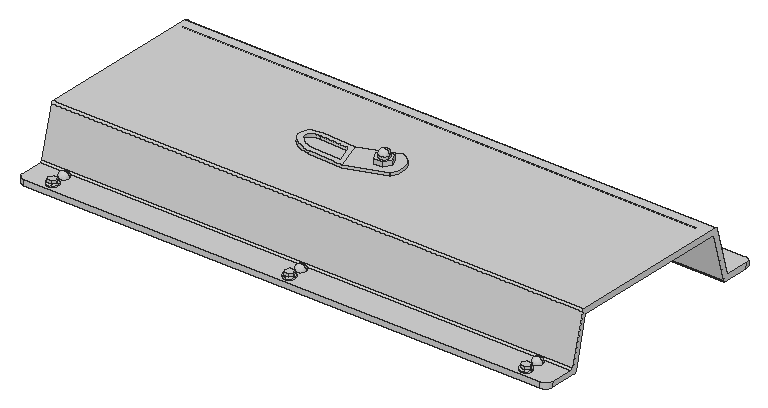
Revit family "AnchorPoint_Kattsafe_RopeAccess", category Specialty Equipment, host Face, Revit 2025
Family settings
  Host = Face
  Round Connector Dimension = Use Diameter
  Part Type = Normal
  OmniClass Number = 23.27.71.21
  Enable Cutting in Views = No
  Cut with Voids When Loaded = No
  Maintain Annotation Orientation = No
  Shared = No
  Room Calculation Point = No
Parameters (values of type "Standard (AP141A)")
  Uniclass2015Version = "Products v1.23"
  Uniclass2015Title = "Safety access anchor devices"
  Uniclass2015Code = "Pr_40_70_75_75"
  URL = "https://kattsafe.com.au/"
  Type IFC Predefined Type = "USERDEFINED"
  Type Comments = "Top Mount Swivel Rope Access Anchor - Fall arrest 15kN rated - Rope access 12kN - 3.2kg"
  SafetyDisclaimer [instance] = "WARNING! The correct placement of access, fall protection and facade maintenance systems is critical to ensure it is fit-for-purpose and safe for the operator to use. Did you know Kattsafe® have a dedicated team of Height Safety System Design Specialists? Kattsafe® provide one-on-one consultation and system design assistance to ensure you are meeting the stringent requirements of height safety and to give you PEACE OF MIND with your project."  # constant formula
  ModifiedIssue = 20240430
  Model = "AP141A"
  Material = Steel_Stainless_Kattsafe_Satin
  ManufacturerURLProductSpecific = "https://kattsafe.com.au/products/anchor-points/metal-deck-mount/Top-mount-rope-access-anchor-ap141"
  ManufacturerSpecCode = Model  # "AP141A"
  ManufacturerOverallWidth = 552 mm  # constant formula
  ManufacturerOverallHeight = 70 mm  # constant formula
  ManufacturerOverallDepth = 267 mm  # constant formula
  ManufacturerHeightFromFFL [instance] = 0 mm
  Manufacturer = "Kattsafe®"  # constant formula
  IfcExportType = "USERDEFINED"
  IfcExportAs = "IfcBuildingElementProxy"
  Export Type to IFC As = "IfcBuildingElementProxy"
  ElementType = "Fall Protection"
  Description = "Our Kattsafe anchor points are specifically designed, manufactured, and tested to comply with and often exceed Australian Standards, effectively handling excessive loads and saving lives when using a harness and lanyard system."  # constant formula
  Default Elevation = 0 mm  # constant formula
  CreatedBy = "IGS BIM Solutions"  # constant formula
  CreatedByURL = "https://igsgroup.com.au"
  Assembly Code = "E1090100"
Types (2, lengths in mm): name | Type Comments | Model | ManufacturerSpecCode
  Standard (AP141A) | "Top Mount Swivel Rope Access Anchor - Fall arrest 15kN rated - Rope access 12kN - 3.2kg" | "AP141A" | "AP141A"
  Wide (AP141W) | "Top Mount Swivel Rope Access Anchor - Wide Deck - Suits 300 to 372mm deck - 15kN rated - 2.8kg" | "AP141W" | "AP141W"
Reference planes
  plane 1 "Center (Front/Back)": y = 8
  plane 2 "Ref. Level": z = 0
  plane 3 "Center (Left/Right)": x = 0
  plane 4 "Front": y = -125.5
  plane 5 "Back": y = 141.5
  plane 6 "Right": x = 276
  plane 7 "Left": x = -276
  plane 8 "Top": z = 70
  plane 9 "Botttom": z = 0
  plane 10 "Bolts Front": y = -115.5
  plane 11 "Bolts Front Inside": y = -100.5
  plane 12 "Bolts Back": y = 131.5
  plane 13 "Bolts Back Inside": y = 116.5
Forms (mm)
  Extrusion 1, solid, material "Steel_Stainless_Kattsafe_Satin" <- "Material"
    sketch origin (7.887, 12.748, 0) x (-1, 0, 0) y (0, -1, 0)
      loop
        line (31.19, 30.257) -> (-6.898, 16.394)
        arc (-6.898, 16.394) -> (-7.435, 16.098) -> (-7.858, 15.654) r 2
        arc (-7.858, 15.654) -> (-10.111, -1.801) -> (2.834, -13.725) r 19.152
        arc (2.834, -13.725) -> (3.444, -13.795) -> (4.046, -13.676) r 2
        line (4.046, -13.676) -> (42.134, 0.187) -> (31.19, 30.257)
    from 55 to 58
  Extrusion 2, solid, material "Steel_Stainless_Kattsafe_Satin" <- "Material"
    sketch origin (-23.303, -17.509, 0) x (0.939693, 0.34202, 0) y (0, 0, 1)
      loop
        line (0, 58) -> (-43.263, 70) -> (-44.064, 67.109) -> (0, 55) -> (0, 58)
    from 0 to -32
  Extrusion 3, void
    sketch origin (-23.306, -14.397, 57.705) x (-0.905504, -0.329577, 0.267285) y (0.34202, -0.939693, 0)
      loop
        line (4.456, -24.076) -> (29.961, -24.076)
        arc (29.961, -24.076) -> (40.663, -13.373) -> (29.961, -2.67) r 10.703
        line (29.961, -2.67) -> (4.456, -2.67) -> (4.456, -24.076)
      loop
        line (29.961, -29.076) -> (49.469, -29.076) -> (49.469, 2.924) -> (29.961, 2.924)
        arc (29.961, 2.924) -> (45.961, -13.076) -> (29.961, -29.076) r 16
    from -8.644 to 3.905
  Revolve 4, solid, material "Steel_Stainless_Kattsafe_Satin" <- "Material"
    sketch origin (0, 8, 0) x (1, 0, 0) y (0, 0, 1)
      loop
        line (-4.998, 62.47) -> (-2.019, 62.47) -> (-2.019, 40.082) -> (0, 40.082) -> (0, 70)
        arc (0, 70) -> (-3.519, 68.691) -> (-4.998, 65.24) r 4.766
        line (-4.998, 65.24) -> (-4.998, 62.47)
      axis (0, 70) -> (0, 40.082)
    angle from 0 to 360
  Extrusion 5, void
    sketch origin (-276, -125.5, 5) x (0, 1, 0) y (1, 0, 0)
      loop
        arc (267, 7.962) -> (264.668, 2.332) -> (259.038, 0) r 7.962
        line (259.038, 0) -> (267, 0) -> (267, 7.962)
      loop
        line (267, 544.038) -> (267, 552) -> (259.038, 552)
        arc (259.038, 552) -> (264.668, 549.668) -> (267, 544.038) r 7.962
      loop
        line (0, 7.962) -> (0, 0) -> (7.962, 0)
        arc (7.962, 0) -> (2.332, 2.332) -> (0, 7.962) r 7.962
      loop
        arc (0, 544.038) -> (2.332, 549.668) -> (7.962, 552) r 7.962
        line (7.962, 552) -> (0, 552) -> (0, 544.038)
    from 0 to 5
  Revolve 6, solid, material "Steel_Stainless_Kattsafe_Satin" <- "Material", detail levels medium+fine
    sketch origin (-610.282, -100.5, 4780) x (-1, 0, 0) y (0, 0, 1)
      loop
        line (-364.032, -4775) -> (-359.032, -4775)
        arc (-359.032, -4775) -> (-360.483, -4771.44) -> (-364.032, -4769.962) r 5
        line (-364.032, -4769.962) -> (-364.032, -4775)
      axis (-364.032, -4775) -> (-364.032, -4769.962)
    angle from 0 to 360
  Revolve 7, solid, material "Steel_Stainless_Kattsafe_Satin" <- "Material", detail levels medium+fine
    sketch origin (-610.282, -100.5, 4780) x (-1, 0, 0) y (0, 0, 1)
      loop
        line (-610.282, -4775) -> (-605.282, -4775)
        arc (-605.282, -4775) -> (-606.733, -4771.44) -> (-610.282, -4769.962) r 5
        line (-610.282, -4769.962) -> (-610.282, -4775)
      axis (-610.282, -4775) -> (-610.282, -4769.962)
    angle from 0 to 360
  Extrusion 8, solid, material "Steel_Stainless_Kattsafe_Satin" <- "Material", detail levels medium+fine
    sketch origin (-276, -125.5, 5) x (1, 0, 0) y (0, 1, 0)
      loop
        line (519.925, 14.026) -> (517.601, 10) -> (519.925, 5.974) -> (524.575, 5.974) -> (526.899, 10) -> (524.575, 14.026) -> (519.925, 14.026)
    from 2 to 5
  Revolve 9, solid, material "Steel_Stainless_Kattsafe_Satin" <- "Material", detail levels medium+fine
    sketch origin (-610.282, 116.5, 4780) x (-1, 0, 0) y (0, 0, 1)
      loop
        line (-364.032, -4775) -> (-359.032, -4775)
        arc (-359.032, -4775) -> (-360.483, -4771.44) -> (-364.032, -4769.962) r 5
        line (-364.032, -4769.962) -> (-364.032, -4775)
      axis (-364.032, -4775) -> (-364.032, -4769.962)
    angle from 0 to 360
  Revolve 10, solid, material "Steel_Stainless_Kattsafe_Satin" <- "Material", detail levels medium+fine
    sketch origin (-610.282, 116.5, 4780) x (-1, 0, 0) y (0, 0, 1)
      loop
        line (-856.532, -4775) -> (-856.532, -4769.962)
        arc (-856.532, -4769.962) -> (-860.081, -4771.44) -> (-861.532, -4775) r 5
        line (-861.532, -4775) -> (-856.532, -4775)
      axis (-856.532, -4775) -> (-856.532, -4769.962)
    angle from 0 to 360
  Revolve 11, solid, material "Steel_Stainless_Kattsafe_Satin" <- "Material", detail levels medium+fine
    sketch origin (-610.282, 116.5, 4780) x (-1, 0, 0) y (0, 0, 1)
      loop
        line (-610.282, -4775) -> (-605.282, -4775)
        arc (-605.282, -4775) -> (-606.733, -4771.44) -> (-610.282, -4769.962) r 5
        line (-610.282, -4769.962) -> (-610.282, -4775)
      axis (-610.282, -4775) -> (-610.282, -4769.962)
    angle from 0 to 360
  Revolve 12, solid, material "Steel_Stainless_Kattsafe_Satin" <- "Material", detail levels medium+fine
    sketch origin (-610.282, 131.5, 4780) x (-1, 0, 0) y (0, 0, 1)
      loop
        line (-364.032, -4775) -> (-359.032, -4775)
        arc (-359.032, -4775) -> (-360.483, -4771.44) -> (-364.032, -4769.962) r 5
        line (-364.032, -4769.962) -> (-364.032, -4775)
      axis (-364.032, -4775) -> (-364.032, -4769.962)
    angle from 0 to 360
  Revolve 13, solid, material "Steel_Stainless_Kattsafe_Satin" <- "Material", detail levels medium+fine
    sketch origin (-610.282, 131.5, 4780) x (-1, 0, 0) y (0, 0, 1)
      loop
        line (-856.532, -4775) -> (-856.532, -4769.962)
        arc (-856.532, -4769.962) -> (-860.081, -4771.44) -> (-861.532, -4775) r 5
        line (-861.532, -4775) -> (-856.532, -4775)
      axis (-856.532, -4775) -> (-856.532, -4769.962)
    angle from 0 to 360
  Revolve 14, solid, material "Steel_Stainless_Kattsafe_Satin" <- "Material", detail levels medium+fine
    sketch origin (-610.282, 131.5, 4780) x (-1, 0, 0) y (0, 0, 1)
      loop
        line (-610.282, -4775) -> (-605.282, -4775)
        arc (-605.282, -4775) -> (-606.733, -4771.44) -> (-610.282, -4769.962) r 5
        line (-610.282, -4769.962) -> (-610.282, -4775)
      axis (-610.282, -4775) -> (-610.282, -4769.962)
    angle from 0 to 360
  Revolve 15, solid, material "Steel_Stainless_Kattsafe_Satin" <- "Material", detail levels medium+fine
    sketch origin (-610.282, -100.5, 4780) x (-1, 0, 0) y (0, 0, 1)
      loop
        line (-856.532, -4775) -> (-856.532, -4769.962)
        arc (-856.532, -4769.962) -> (-860.081, -4771.44) -> (-861.532, -4775) r 5
        line (-861.532, -4775) -> (-856.532, -4775)
      axis (-856.532, -4775) -> (-856.532, -4769.962)
    angle from 0 to 360
  Sweep 16, solid, material "Steel_Stainless_Kattsafe_Satin" <- "Material"
    path origin (0, 0, 70) x (-1, 0, 0) y (0, -1, 0)
      loop
        line (276, -8) -> (-276, -8)
    profile origin (0, 8, 70) x (0, 1, 0) y (0, 0, 1)
      loop
        line (133.5, -65) -> (102.073, -65)
        arc (102.073, -65) -> (100.856, -64.587) -> (100.141, -63.518) r 2
        line (100.141, -63.518) -> (87.538, -16.482)
        arc (87.538, -16.482) -> (86.824, -15.413) -> (85.606, -15) r 2
        line (85.606, -15) -> (-85.606, -15)
        arc (-85.606, -15) -> (-86.824, -15.413) -> (-87.538, -16.482) r 2
        line (-87.538, -16.482) -> (-100.141, -63.518)
        arc (-100.141, -63.518) -> (-100.856, -64.587) -> (-102.073, -65) r 2
        line (-102.073, -65) -> (-133.5, -65) -> (-133.5, -70) -> (-98.236, -70)
        arc (-98.236, -70) -> (-97.019, -69.587) -> (-96.305, -68.518) r 2
        line (-96.305, -68.518) -> (-83.702, -20.018)
        arc (-83.702, -20.018) -> (-82.736, -20.005) -> (-81.77, -20) r 102
        line (-81.77, -20) -> (81.77, -20)
        arc (81.77, -20) -> (82.987, -20.413) -> (83.702, -21.482) r 2
        line (83.702, -21.482) -> (96.305, -68.518)
        arc (96.305, -68.518) -> (97.019, -69.587) -> (98.236, -70) r 2
        line (98.236, -70) -> (133.5, -70) -> (133.5, -65)
  Revolve 17, solid, material "Steel_Stainless_Kattsafe_Satin" <- "Material", detail levels medium+fine
    sketch origin (-610.282, -115.5, 4780) x (-1, 0, 0) y (0, 0, 1)
      loop
        line (-856.532, -4775) -> (-850.758, -4775) -> (-850.758, -4774.02)
        arc (-850.758, -4774.02) -> (-851.051, -4773.313) -> (-851.758, -4773.02) r 1
        line (-851.758, -4773.02) -> (-856.532, -4773.02) -> (-856.532, -4775)
      axis (-856.532, -4775) -> (-856.532, -4773.02)
    angle from 0 to 360
  Revolve 18, solid, material "Steel_Stainless_Kattsafe_Satin" <- "Material", detail levels medium+fine
    sketch origin (-610.282, -115.5, 4780) x (-1, 0, 0) y (0, 0, 1)
      loop
        line (-610.282, -4775) -> (-604.508, -4775) -> (-604.508, -4774.02)
        arc (-604.508, -4774.02) -> (-604.801, -4773.313) -> (-605.508, -4773.02) r 1
        line (-605.508, -4773.02) -> (-610.282, -4773.02) -> (-610.282, -4775)
      axis (-610.282, -4775) -> (-610.282, -4773.02)
    angle from 0 to 360
  Extrusion 19, solid, material "Steel_Stainless_Kattsafe_Satin" <- "Material", detail levels medium+fine
    sketch origin (-522.25, -125.5, 5) x (1, 0, 0) y (0, 1, 0)
      loop
        line (519.925, 14.026) -> (517.601, 10) -> (519.925, 5.974) -> (524.575, 5.974) -> (526.899, 10) -> (524.575, 14.026) -> (519.925, 14.026)
    from 2 to 5
  Revolve 20, solid, material "Steel_Stainless_Kattsafe_Satin" <- "Material", detail levels medium+fine
    sketch origin (-856.532, -115.5, 4780) x (-1, 0, 0) y (0, 0, 1)
      loop
        line (-610.282, -4775) -> (-604.508, -4775) -> (-604.508, -4774.02)
        arc (-604.508, -4774.02) -> (-604.801, -4773.313) -> (-605.508, -4773.02) r 1
        line (-605.508, -4773.02) -> (-610.282, -4773.02) -> (-610.282, -4775)
      axis (-610.282, -4775) -> (-610.282, -4773.02)
    angle from 0 to 360
  Extrusion 21, solid, material "Steel_Stainless_Kattsafe_Satin" <- "Material", detail levels medium+fine
    sketch origin (-768.5, -125.5, 5) x (1, 0, 0) y (0, 1, 0)
      loop
        line (519.925, 14.026) -> (517.601, 10) -> (519.925, 5.974) -> (524.575, 5.974) -> (526.899, 10) -> (524.575, 14.026) -> (519.925, 14.026)
    from 2 to 5
  Extrusion 22, solid, material "Steel_Stainless_Kattsafe_Satin" <- "Material"
    sketch origin (-276, -77.606, 55) x (1, 0, 0) y (0, 1, 0)
      loop
        line (271.381, 93.606) -> (266.762, 85.606) -> (271.381, 77.606) -> (280.619, 77.606) -> (285.238, 85.606) -> (280.619, 93.606) -> (271.381, 93.606)
    from -10 to 7.47
Cuts and joins
  Extrusion 3 cuts Extrusion 2
  joined: Extrusion 1, Extrusion 2, Extrusion 22
  Extrusion 5 cuts Sweep 16
Lines and regions (mm)
  Masking region 1
    outline origin (0, 0, 70) x (-1, 0, 0) y (0, -1, 0)
      loop
        arc (268.038, -141.5) -> (273.668, -139.168) -> (276, -133.538) r 7.962
        line (276, -133.538) -> (276, 117.538)
        arc (276, 117.538) -> (273.668, 123.168) -> (268.038, 125.5) r 7.962
        line (268.038, 125.5) -> (-268.038, 125.5)
        arc (-268.038, 125.5) -> (-273.668, 123.168) -> (-276, 117.538) r 7.962
        line (-276, 117.538) -> (-276, -133.538)
        arc (-276, -133.538) -> (-273.668, -139.168) -> (-268.038, -141.5) r 7.962
        line (-268.038, -141.5) -> (268.038, -141.5)
  symbolic lines, style "Fall Arrest Systems", detail levels medium+fine
    curve 1: circle (-246.25, 131.5, 70) r 5 normal (0, 0, -1)
    curve 2: circle (0, 131.5, 70) r 5 normal (0, 0, -1)
    curve 3: circle (246.25, 131.5, 70) r 5 normal (0, 0, -1)
    curve 4: circle (-246.25, -100.5, 70) r 5 normal (0, 0, 1)
    curve 5: circle (0, -100.5, 70) r 5 normal (0, 0, 1)
    curve 6: circle (246.25, -100.5, 70) r 5 normal (0, 0, -1)
    curve 7: line (-61.123, 2.78, 70) -> (3.841, 26.425, 70)
    curve 8: line (14.784, -3.646, 70) -> (-50.179, -27.29, 70)
    curve 9: arc (15.744, -2.905, 70) -> (17.998, 14.55, 70) -> (5.053, 26.474, 70) r 19.152
    curve 10: arc (5.053, 26.474, 70) -> (4.443, 26.543, 70) -> (3.841, 26.424, 70) r 2
    curve 11: arc (14.784, -3.646, 70) -> (15.322, -3.35, 70) -> (15.744, -2.905, 70) r 2
    curve 12: spline (-61.123, 2.78, 70) -> (-64.689, 0.902, 70) -> (-67.639, -1.873, 70) -> (-69.772, -5.355, 70) -> (-70.943, -9.308, 70) -> (-71.071, -13.461, 70) -> (-70.149, -17.532, 70) -> (-68.238, -21.244, 70) -> (-65.47, -24.343, 70) -> (-62.033, -26.618, 70) -> (-58.161, -27.914, 70) -> (-54.117, -28.144, 70) -> (-50.179, -27.29, 70)
    curve 13: circle (0, 8, 70) r 4.998 normal (0, 0, -1)
    curve 14: line (4.619, 16, 70) -> (9.238, 8, 70)
    curve 15: line (9.238, 8, 70) -> (4.619, 0, 70)
    curve 16: line (4.619, 0, 70) -> (-4.619, 0, 70)
    curve 17: line (-4.619, 0, 70) -> (-9.238, 8, 70)
    curve 18: line (-9.238, 8, 70) -> (-4.619, 16, 70)
    curve 19: line (-4.619, 16, 70) -> (4.619, 16, 70)
    curve 20: circle (-246.25, 116.5, 70) r 5 normal (0, 0, -1)
    curve 21: circle (0, 116.5, 70) r 5 normal (0, 0, -1)
    curve 22: circle (246.25, 116.5, 70) r 5 normal (0, 0, 1)
    curve 23: circle (-246.25, -115.5, 70) r 5.774 normal (0, 0, 1)
    curve 24: circle (0, -115.5, 70) r 5.774 normal (0, 0, 1)
    curve 25: circle (246.25, -115.5, 70) r 5.774 normal (0, 0, 1)
    curve 26: line (250.899, -115.5, 70) -> (248.575, -111.474, 70)
    curve 27: line (248.575, -111.474, 70) -> (243.925, -111.474, 70)
    curve 28: line (243.925, -111.474, 70) -> (241.601, -115.5, 70)
    curve 29: line (241.601, -115.5, 70) -> (243.925, -119.526, 70)
    curve 30: line (243.925, -119.526, 70) -> (248.575, -119.526, 70)
    curve 31: line (248.575, -119.526, 70) -> (250.899, -115.5, 70)
    curve 32: line (4.649, -115.5, 70) -> (2.325, -111.474, 70)
    curve 33: line (2.325, -111.474, 70) -> (-2.325, -111.474, 70)
    curve 34: line (-2.325, -111.474, 70) -> (-4.649, -115.5, 70)
    curve 35: line (-4.649, -115.5, 70) -> (-2.325, -119.526, 70)
    curve 36: line (-2.325, -119.526, 70) -> (2.325, -119.526, 70)
    curve 37: line (2.325, -119.526, 70) -> (4.649, -115.5, 70)
    curve 38: line (-241.601, -115.5, 70) -> (-243.925, -111.474, 70)
    curve 39: line (-243.925, -111.474, 70) -> (-248.575, -111.474, 70)
    curve 40: line (-248.575, -111.474, 70) -> (-250.899, -115.5, 70)
    curve 41: line (-250.899, -115.5, 70) -> (-248.575, -119.526, 70)
    curve 42: line (-248.575, -119.526, 70) -> (-243.925, -119.526, 70)
    curve 43: line (-243.925, -119.526, 70) -> (-241.601, -115.5, 70)
Text (mm)
  text "Disclaimer:\nDue to ongoing product development and manufacturing \nevolution, product details are subject to change without \nnotice. Please refer to product technical data sheets on \nthe manufacturers website for the most current product \ninformation. Please allow a +/- 5mm manufacturing \ntolerance for dimensions and set-outs shown in product \nliterature." at (360.06, 82.963, 0), in view "Ref. Level"
Dimensions and locks
  "ManufacturerOverallWidth": plane 7 "Left" to plane 6 "Right"
  "ManufacturerOverallDepth": plane 5 "Back" to plane 4 "Front"
  equal spacing: plane 7 "Left", plane 3 "Center (Left/Right)", plane 6 "Right"
  equal spacing: plane 4 "Front", plane 1 "Center (Front/Back)", plane 5 "Back"
  "ManufacturerHeightFromFFL": plane 9 "Botttom" to level
  "ManufacturerOverallHeight": plane 9 "Botttom" to plane 8 "Top"
  aligned and locked: plane 2 "Ref. Level" to host face
  aligned and locked: level to host face
  aligned and locked: Masking region 1 to Sweep 16 sketch curve  (x2)
  aligned and locked: Sweep 16 sketch curve to plane 9 "Botttom"
  aligned and locked: plane 9 "Botttom" to Sweep 16 sketch curve
  aligned and locked: Revolve 15 sketch curve to Sweep 16
  aligned and locked: Sweep 16 to Revolve 7 sketch curve
  aligned and locked: Revolve 6 sketch curve to Sweep 16
  aligned and locked: Sweep 16 to Revolve 12 sketch curve
  aligned and locked: Sweep 16 to Revolve 14 sketch curve
  aligned and locked: Revolve 13 sketch curve to Sweep 16
  aligned and locked: Sweep 16 to Revolve 9 sketch curve
  aligned and locked: Sweep 16 to Revolve 11 sketch curve
  aligned and locked: Revolve 10 sketch curve to Sweep 16
  aligned and locked: Revolve 17 sketch curve to Revolve 17 sketch curve  (x2)
  aligned and locked: cut or joined group of Extrusion 5, Sweep 16 to Revolve 17 sketch curve
  aligned and locked: cut or joined group of Extrusion 5, Sweep 16 to Revolve 18 sketch curve
  aligned and locked: cut or joined group of Extrusion 5, Sweep 16 to Revolve 20 sketch curve
  aligned and locked: cut or joined group of Extrusion 1, Extrusion 2, Extrusion 3, Extrusion 22 to Revolve 4 sketch curve
Automatic sketch dimensions
  host sketch curve to host sketch curve = 552 mm
  host sketch curve to host sketch curve = 267 mm
  plane 1 "Center (Front/Back)" to Extrusion 1 sketch curve = 0 mm
  Extrusion 1 sketch curve to plane 3 "Center (Left/Right)" = 0 mm
  plane 3 "Center (Left/Right)" to Extrusion 1 sketch curve = 3.841 mm
  Extrusion 1 sketch curve to Extrusion 1 sketch curve = 0.684 mm  (x2)
  plane 3 "Center (Left/Right)" to Extrusion 1 sketch curve = 14.1 mm
  Extrusion 1 sketch curve to plane 3 "Center (Left/Right)" = 23.303 mm
  Extrusion 1 sketch curve to plane 1 "Center (Front/Back)" = 4.561 mm
  Extrusion 1 sketch curve to Extrusion 1 sketch curve = 10.944 mm
  Extrusion 1 sketch curve to plane 1 "Center (Front/Back)" = 16.545 mm
  Extrusion 1 sketch curve to Extrusion 1 sketch curve = 1.879 mm  (x2)
  Extrusion 1 sketch curve to Extrusion 1 sketch curve = 0 mm
  Extrusion 2 sketch curve to Extrusion 1 = 0 mm  (x3)
  Extrusion 2 sketch curve to Extrusion 1 = 12 mm
  Extrusion 1 to Extrusion 2 sketch curve = 43.263 mm
  Extrusion 2 sketch curve to Extrusion 1 = 9.109 mm
  Extrusion 2 to Extrusion 3 sketch curve = 0 mm
  Extrusion 3 sketch curve to Extrusion 2 = 0 mm  (x2)
  Extrusion 3 sketch curve to Extrusion 2 = 3.354 mm
  Extrusion 3 sketch curve to Extrusion 2 = 16.037 mm
  Extrusion 3 sketch curve to Extrusion 3 sketch curve = 0 mm  (x3)
  Extrusion 2 to Extrusion 3 sketch curve = 3.471 mm
  Extrusion 2 to Extrusion 3 sketch curve = 5 mm
  Extrusion 3 sketch curve to Extrusion 3 sketch curve = 0.297 mm
  Extrusion 5 sketch curve to Sweep 16 = 0 mm  (x12)
  Extrusion 5 sketch curve to Extrusion 5 sketch curve = 7.962 mm
  Sweep 16 to Extrusion 5 sketch curve = 7.962 mm  (x3)
  Sweep 16 to Extrusion 5 sketch curve = 227.612 mm  (x2)
  Extrusion 5 sketch curve to Extrusion 5 sketch curve = 0 mm  (x10)
  Sweep 16 to Extrusion 8 sketch curve = 10 mm  (x2)
  Sweep 16 to Extrusion 8 sketch curve = 34.399 mm
  Sweep 16 to Extrusion 8 sketch curve = 14.026 mm
  Extrusion 8 sketch curve to Extrusion 8 sketch curve = 2.325 mm  (x3)
  Sweep 16 to Extrusion 8 sketch curve = 5.974 mm
  Extrusion 8 sketch curve to Extrusion 8 sketch curve = 4.649 mm  (x2)
  Masking region 1 sketch curve to plane 6 "Right" = 0 mm
  Masking region 1 sketch curve to plane 4 "Front" = 0 mm
  plane 5 "Back" to Masking region 1 sketch curve = 0 mm
  Masking region 1 sketch curve to plane 7 "Left" = 0 mm
  Masking region 1 sketch curve to plane 12 "Bolts Back" = 2.038 mm  (x2)
  plane 6 "Right" to Masking region 1 sketch curve = 7.962 mm
  Masking region 1 sketch curve to plane 10 "Bolts Front" = 2.038 mm
  plane 1 "Center (Front/Back)" to Sweep 16 sketch curve = 0 mm
  plane 8 "Top" to Sweep 16 sketch curve = 65 mm
  profile plane to Sweep 16 sketch curve = 133.5 mm
  Sweep 16 sketch curve to Sweep 16 sketch curve = 31.427 mm  (x2)
  plane 8 "Top" to Sweep 16 sketch curve = 63.518 mm  (x2)
  Sweep 16 sketch curve to Sweep 16 sketch curve = 1.932 mm  (x8)
  Sweep 16 sketch curve to Sweep 16 sketch curve = 1.905 mm  (x3)
  plane 8 "Top" to Sweep 16 sketch curve = 68.518 mm
  plane 8 "Top" to Sweep 16 sketch curve = 16.482 mm  (x2)
  Sweep 16 sketch curve to Sweep 16 sketch curve = 12.603 mm  (x2)
  plane 8 "Top" to Sweep 16 sketch curve = 20.018 mm
  Sweep 16 sketch curve to profile plane = 81.77 mm
  plane 8 "Top" to Sweep 16 sketch curve = 21.482 mm
  Sweep 16 sketch curve to Sweep 16 sketch curve = 3.837 mm
  Sweep 16 sketch curve to Sweep 16 sketch curve = 52 mm
  Sweep 16 sketch curve to Sweep 16 sketch curve = 1.482 mm  (x2)
  Sweep 16 sketch curve to Sweep 16 sketch curve = 0.518 mm
  Revolve 18 sketch curve to plane 3 "Center (Left/Right)" = 0 mm  (x2)
  Revolve 18 sketch curve to plane 3 "Center (Left/Right)" = 4.774 mm
  Revolve 18 sketch curve to Revolve 18 sketch curve = 1 mm
  Revolve 18 sketch curve to Revolve 18 sketch curve = 0.98 mm
  Revolve 18 sketch curve to Revolve 18 sketch curve = 0 mm
  Revolve 18 sketch curve to Revolve 18 sketch curve = 0.02 mm
  Sweep 16 to Extrusion 19 sketch curve = 10 mm  (x2)
  Sweep 16 to Extrusion 19 sketch curve = 271.351 mm
  Sweep 16 to Extrusion 19 sketch curve = 14.026 mm
  Extrusion 19 sketch curve to Extrusion 19 sketch curve = 2.325 mm  (x3)
  Sweep 16 to Extrusion 19 sketch curve = 5.974 mm
  Extrusion 19 sketch curve to Extrusion 19 sketch curve = 4.649 mm  (x2)
  plane 7 "Left" to Revolve 20 sketch curve = 29.75 mm
  Revolve 20 sketch curve to Revolve 20 sketch curve = 4.774 mm
  Revolve 20 sketch curve to Revolve 20 sketch curve = 1 mm
  Revolve 20 sketch curve to Revolve 20 sketch curve = 0.98 mm
  Revolve 20 sketch curve to Revolve 20 sketch curve = 0 mm  (x2)
  Revolve 20 sketch curve to Revolve 20 sketch curve = 0.02 mm
  Sweep 16 to Extrusion 21 sketch curve = 10 mm  (x2)
  Sweep 16 to Extrusion 21 sketch curve = 25.101 mm
  Extrusion 21 sketch curve to Extrusion 21 sketch curve = 2.325 mm  (x3)
  Sweep 16 to Extrusion 21 sketch curve = 5.974 mm
  Extrusion 21 sketch curve to Extrusion 21 sketch curve = 4.649 mm  (x2)
  Extrusion 21 sketch curve to Extrusion 21 sketch curve = 4.026 mm
  plane 6 "Right" to Revolve 17 sketch curve = 34.524 mm
  Revolve 17 sketch curve to Revolve 17 sketch curve = 1 mm
  Revolve 17 sketch curve to Revolve 17 sketch curve = 0.98 mm
  Revolve 17 sketch curve to Revolve 17 sketch curve = 4.774 mm
  Revolve 17 sketch curve to Revolve 17 sketch curve = 0 mm
  Revolve 12 sketch curve to level = 0 mm
  Revolve 12 sketch curve to plane 7 "Left" = 29.75 mm
  Revolve 12 sketch curve to Revolve 12 sketch curve = 5 mm
  Revolve 12 sketch curve to Revolve 12 sketch curve = 0.038 mm
  Revolve 12 sketch curve to Revolve 12 sketch curve = 0 mm  (x2)
  Revolve 13 sketch curve to level = 0 mm
  Revolve 13 sketch curve to plane 6 "Right" = 24.75 mm
  Revolve 13 sketch curve to Revolve 13 sketch curve = 5 mm
  Revolve 13 sketch curve to Revolve 13 sketch curve = 0.038 mm
  Revolve 13 sketch curve to Revolve 13 sketch curve = 0 mm  (x2)
  Revolve 14 sketch curve to level = 0 mm
  Revolve 14 sketch curve to plane 3 "Center (Left/Right)" = 0 mm  (x2)
  Revolve 14 sketch curve to Revolve 14 sketch curve = 5 mm
  Revolve 14 sketch curve to Revolve 14 sketch curve = 0.038 mm
  Revolve 14 sketch curve to Revolve 14 sketch curve = 0 mm
  Revolve 9 sketch curve to level = 0 mm
  Revolve 9 sketch curve to plane 7 "Left" = 29.75 mm
  Revolve 9 sketch curve to Revolve 9 sketch curve = 5 mm
  Revolve 9 sketch curve to Revolve 9 sketch curve = 0.038 mm
  Revolve 9 sketch curve to Revolve 9 sketch curve = 0 mm  (x2)
  Revolve 10 sketch curve to level = 0 mm
  Revolve 10 sketch curve to plane 6 "Right" = 24.75 mm
  Revolve 10 sketch curve to Revolve 10 sketch curve = 5 mm
  Revolve 10 sketch curve to Revolve 10 sketch curve = 0.038 mm
  Revolve 10 sketch curve to Revolve 10 sketch curve = 0 mm  (x2)
  Revolve 11 sketch curve to level = 0 mm
  Revolve 11 sketch curve to plane 3 "Center (Left/Right)" = 0 mm  (x2)
  Revolve 11 sketch curve to Revolve 11 sketch curve = 5 mm
  Revolve 11 sketch curve to Revolve 11 sketch curve = 0.038 mm
  Revolve 11 sketch curve to Revolve 11 sketch curve = 0 mm
  Revolve 6 sketch curve to level = 0 mm
  plane 7 "Left" to Revolve 6 sketch curve = 29.75 mm
  Revolve 6 sketch curve to Revolve 6 sketch curve = 5 mm
  Revolve 6 sketch curve to Revolve 6 sketch curve = 0.038 mm
  Revolve 6 sketch curve to Revolve 6 sketch curve = 0 mm  (x2)
  Revolve 7 sketch curve to level = 0 mm
  Revolve 7 sketch curve to plane 3 "Center (Left/Right)" = 0 mm
  plane 3 "Center (Left/Right)" to Revolve 7 sketch curve = 0 mm
  Revolve 7 sketch curve to plane 3 "Center (Left/Right)" = 5 mm
  Revolve 7 sketch curve to Revolve 7 sketch curve = 0.038 mm
  Revolve 7 sketch curve to Revolve 7 sketch curve = 0 mm
  Revolve 15 sketch curve to level = 0 mm
  plane 6 "Right" to Revolve 15 sketch curve = 24.75 mm
  Revolve 15 sketch curve to Revolve 15 sketch curve = 5 mm
  Revolve 15 sketch curve to Revolve 15 sketch curve = 0.038 mm
  Revolve 15 sketch curve to Revolve 15 sketch curve = 0 mm  (x2)
  curve 9 to curve 13 = 0 mm  (x2)
  curve 25 to plane 10 "Bolts Front" = 0 mm
  plane 13 "Bolts Back Inside" to curve 22 = 0 mm
  plane 12 "Bolts Back" to curve 3 = 0 mm
  curve 6 to plane 11 "Bolts Front Inside" = 0 mm
  plane 1 "Center (Front/Back)" to curve 15 = 0 mm
  plane 1 "Center (Front/Back)" to curve 9 = 0 mm
  curve 9 to plane 3 "Center (Left/Right)" = 0 mm
  curve 5 to plane 3 "Center (Left/Right)" = 0 mm
  curve 21 to plane 3 "Center (Left/Right)" = 0 mm
  curve 2 to plane 3 "Center (Left/Right)" = 0 mm
  curve 24 to plane 3 "Center (Left/Right)" = 0 mm
  plane 1 "Center (Front/Back)" to curve 18 = 0 mm
  curve 4 to plane 11 "Bolts Front Inside" = 0 mm
  plane 12 "Bolts Back" to curve 1 = 0 mm
  curve 23 to plane 10 "Bolts Front" = 0 mm
  plane 13 "Bolts Back Inside" to curve 20 = 0 mm
  plane 12 "Bolts Back" to curve 2 = 0 mm
  plane 13 "Bolts Back Inside" to curve 21 = 0 mm
  curve 5 to plane 11 "Bolts Front Inside" = 0 mm
  curve 24 to plane 10 "Bolts Front" = 0 mm
  plane 3 "Center (Left/Right)" to curve 10 = 4.525 mm
  plane 3 "Center (Left/Right)" to curve 16 = 4.619 mm
  plane 3 "Center (Left/Right)" to curve 19 = 4.619 mm
  curve 14 to curve 14 = 4.619 mm
  curve 11 to curve 15 = 9.482 mm
  curve 8 to curve 11 = 0.684 mm
  plane 6 "Right" to curve 3 = 29.75 mm
  curve 22 to curve 3 = 0 mm
  curve 18 to plane 3 "Center (Left/Right)" = 4.619 mm
  curve 17 to plane 3 "Center (Left/Right)" = 4.619 mm
  curve 9 to curve 18 = 9.238 mm
  plane 7 "Left" to curve 1 = 29.75 mm
  curve 20 to curve 1 = 0 mm
  curve 10 to plane 1 "Center (Front/Back)" = 16.545 mm
  curve 19 to plane 1 "Center (Front/Back)" = 8 mm
  plane 1 "Center (Front/Back)" to curve 17 = 8 mm
  curve 15 to curve 11 = 1.766 mm
  curve 11 to curve 8 = 1.879 mm
  curve 10 to curve 7 = 0.684 mm
  curve 10 to curve 7 = 0 mm
  curve 10 to curve 10 = 1.212 mm
  curve 9 to curve 10 = 0 mm
  curve 8 to plane 3 "Center (Left/Right)" = 50.179 mm
  curve 8 to curve 12 = 0 mm
  curve 12 to curve 12 = 0 mm
  curve 12 to curve 12 = 5.472 mm  (x2)
  plane 1 "Center (Front/Back)" to curve 12 = 5.22 mm
  plane 1 "Center (Front/Back)" to curve 7 = 5.22 mm
  curve 12 to curve 7 = 0 mm
  curve 7 to curve 10 = 0.001 mm
  curve 12 to curve 8 = 0 mm
  plane 7 "Left" to curve 4 = 29.75 mm
  curve 23 to curve 4 = 0 mm
  plane 6 "Right" to curve 6 = 29.75 mm
  curve 25 to curve 6 = 0 mm
  curve 26 to plane 10 "Bolts Front" = 0 mm
  curve 28 to plane 10 "Bolts Front" = 0 mm
  curve 27 to curve 25 = 2.325 mm
  curve 31 to plane 10 "Bolts Front" = 4.026 mm
  curve 31 to curve 25 = 2.325 mm
  curve 31 to curve 27 = 2.325 mm
  plane 10 "Bolts Front" to curve 28 = 4.026 mm
  curve 26 to curve 28 = 4.649 mm
  curve 25 to curve 29 = 2.325 mm
  curve 25 to curve 28 = 4.649 mm
  curve 32 to plane 10 "Bolts Front" = 0 mm
  curve 35 to plane 10 "Bolts Front" = 0 mm
  curve 32 to curve 24 = 4.649 mm
  plane 3 "Center (Left/Right)" to curve 37 = 2.325 mm
  plane 3 "Center (Left/Right)" to curve 33 = 2.325 mm
  curve 34 to plane 3 "Center (Left/Right)" = 2.325 mm
  curve 36 to plane 3 "Center (Left/Right)" = 2.325 mm
  curve 33 to curve 35 = 2.325 mm
  plane 10 "Bolts Front" to curve 33 = 4.026 mm
  curve 35 to plane 10 "Bolts Front" = 4.026 mm
  curve 38 to plane 10 "Bolts Front" = 0 mm
  curve 41 to plane 10 "Bolts Front" = 0 mm
  curve 38 to curve 23 = 4.649 mm
  curve 43 to plane 10 "Bolts Front" = 4.026 mm
  curve 43 to curve 23 = 2.325 mm
  curve 38 to curve 39 = 2.325 mm
  curve 23 to curve 41 = 2.325 mm
  plane 10 "Bolts Front" to curve 40 = 4.026 mm
  curve 38 to curve 40 = 4.649 mm
  curve 39 to curve 41 = 2.325 mm
  Revolve 4 sketch curve to plane 3 "Center (Left/Right)" = 0 mm  (x2)
  Revolve 4 sketch curve to plane 8 "Top" = 0 mm  (x2)
  Revolve 4 sketch curve to plane 3 "Center (Left/Right)" = 0.232 mm
  Revolve 4 sketch curve to Revolve 4 sketch curve = 2.019 mm
  Revolve 4 sketch curve to Revolve 4 sketch curve = 2.979 mm
  Revolve 4 sketch curve to Revolve 4 sketch curve = 17.918 mm
  Revolve 4 sketch curve to Revolve 4 sketch curve = 2.77 mm
  radius of curve 1 = 5 mm
  radius of curve 2 = 5 mm
  radius of curve 3 = 5 mm
  radius of curve 4 = 5 mm
  radius of curve 5 = 5 mm
  radius of curve 6 = 5 mm
  radius of curve 13 = 4.998 mm
  radius of curve 20 = 5 mm
  radius of curve 21 = 5 mm
  radius of curve 22 = 5 mm
  radius of curve 23 = 5.774 mm
  radius of curve 24 = 5.774 mm
  radius of curve 25 = 5.774 mm
